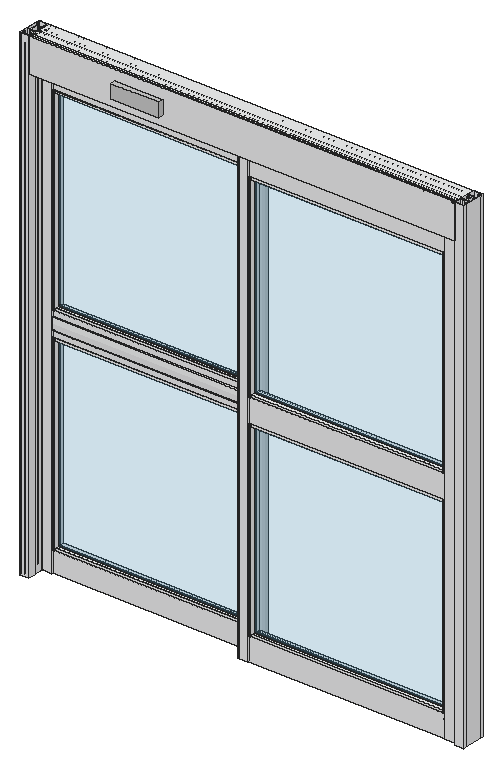
Revit family "2-5-4_Sliding-Door_TX9200SL_Single-LH-Outside-Slide-O-SX-Electric-Lock-Exit-Panic-Hardware_Tormax", category Doors, host Wall, Revit 2026 (continued)
Definition of nested family "Door-Sliding-Tormax-Panel-Exit_Panic-O"
  Forms (in)
    Sweep 6, solid, material <- "Door Frame"
      profile origin (0, 0, 42.75) x (0, 0, 1) y (0, -1, 0)
        loop
          arc (-38.4497, -0.23732) -> (-38.42261, -0.30274) -> (-38.35719, -0.32983) r 0.09251
          line (-38.35719, -0.32983) -> (-38.35719, -0.49166) -> (-38.48123, -0.6157) -> (-38.58722, -0.6157) -> (-38.58722, -0.76483) -> (-38.53722, -0.76483) -> (-38.53722, -0.66561) -> (-38.4375, -0.66561) -> (-38.4375, -0.87481) -> (-37.9377, -0.87481) -> (-37.9377, -0.20955) -> (-37.90284, -0.20955) -> (-37.84171, -0.09459) -> (-37.8637, -0.07259) -> (-37.93561, -0.12483) -> (-38.14543, -0.12483) -> (-38.14543, -0.20955) -> (-38.31305, -0.20955) -> (-38.31305, -0.13997) -> (-38.3997, -0.13997) -> (-38.3997, 0.13997) -> (-38.31305, 0.13997) -> (-38.31305, 0.20955) -> (-38.14543, 0.20955) -> (-38.14543, 0.12483) -> (-37.93561, 0.12483) -> (-37.8637, 0.07259) -> (-37.84171, 0.09459) -> (-37.90284, 0.20955) -> (-37.9377, 0.20955) -> (-37.9377, 0.87481) -> (-38.4375, 0.87481)
        loop
          line (-38.33744, -0.8251) -> (-37.98736, -0.8251) -> (-37.98736, -0.4032) -> (-38.24484, -0.4032) -> (-38.24484, -0.25099) -> (-38.30719, -0.25099) -> (-38.30719, -0.58206) -> (-38.4036, -0.67847) -> (-38.4036, -0.74143) -> (-38.33744, -0.74143) -> (-38.33744, -0.8251)
        loop
          line (-2.25, 0.87481) -> (-2.7498, 0.87481) -> (-2.7498, 0.20955) -> (-2.78466, 0.20955) -> (-2.84579, 0.09459) -> (-2.8238, 0.07259) -> (-2.75189, 0.12483) -> (-2.54207, 0.12483) -> (-2.54207, 0.20955) -> (-2.37445, 0.20955) -> (-2.37445, 0.13997) -> (-2.2878, 0.13997) -> (-2.2878, -0.13997) -> (-2.37445, -0.13997) -> (-2.37445, -0.20955) -> (-2.54207, -0.20955) -> (-2.54207, -0.12483) -> (-2.75189, -0.12483) -> (-2.8238, -0.07259) -> (-2.84579, -0.09459) -> (-2.78466, -0.20955) -> (-2.7498, -0.20955) -> (-2.7498, -0.87481) -> (-2.25, -0.87481) -> (-2.25, -0.66561) -> (-2.15028, -0.66561) -> (-2.15028, -0.76483) -> (-2.10028, -0.76483) -> (-2.10028, -0.6157) -> (-2.20627, -0.6157) -> (-2.33031, -0.49166) -> (-2.33031, -0.32983)
          arc (-2.33031, -0.32983) -> (-2.26489, -0.30274) -> (-2.2378, -0.23732) r 0.09251
          line (-2.2378, -0.23732) -> (-2.2378, -0.1901) -> (-2.094, -0.1901) -> (-2.094, -0.13997) -> (-2.2378, -0.13997) -> (-2.2378, 0.13997) -> (-2.094, 0.13997) -> (-2.094, 0.1901) -> (-2.22479, 0.1901) -> (-2.22479, 0.25955) -> (-2.44266, 0.25955) -> (-2.44266, 0.4032) -> (-2.70014, 0.4032) -> (-2.70014, 0.8251) -> (-2.30017, 0.8251) -> (-2.30017, 0.65698) -> (-2.18569, 0.65698) -> (-2.18569, 0.70698) -> (-2.25, 0.70698) -> (-2.25, 0.87481)
        loop
          line (-2.35006, -0.8251) -> (-2.35006, -0.74143) -> (-2.2839, -0.74143) -> (-2.2839, -0.67847) -> (-2.38031, -0.58206) -> (-2.38031, -0.25099) -> (-2.44266, -0.25099) -> (-2.44266, -0.4032) -> (-2.70014, -0.4032) -> (-2.70014, -0.8251) -> (-2.35006, -0.8251)
        loop
          line (2.25, 0.87481) -> (2.25, 0.70698) -> (2.18569, 0.70698) -> (2.18569, 0.65698) -> (2.30017, 0.65698) -> (2.30017, 0.8251) -> (2.70014, 0.8251) -> (2.70014, 0.4032) -> (2.44266, 0.4032) -> (2.44266, 0.25955) -> (2.22479, 0.25955) -> (2.22479, 0.1901) -> (2.094, 0.1901) -> (2.094, 0.13997) -> (2.2378, 0.13997) -> (2.2378, -0.13997) -> (2.094, -0.13997) -> (2.094, -0.1901) -> (2.2378, -0.1901) -> (2.2378, -0.23732)
          arc (2.2378, -0.23732) -> (2.26489, -0.30274) -> (2.33031, -0.32983) r 0.09251
          line (2.33031, -0.32983) -> (2.33031, -0.49166) -> (2.20627, -0.6157) -> (2.10028, -0.6157) -> (2.10028, -0.76483) -> (2.15028, -0.76483) -> (2.15028, -0.66561) -> (2.25, -0.66561) -> (2.25, -0.87481) -> (2.7498, -0.87481) -> (2.7498, -0.20955) -> (2.78466, -0.20955) -> (2.84579, -0.09459) -> (2.8238, -0.07259) -> (2.75189, -0.12483) -> (2.54207, -0.12483) -> (2.54207, -0.20955) -> (2.37445, -0.20955) -> (2.37445, -0.13997) -> (2.2878, -0.13997) -> (2.2878, 0.13997) -> (2.37445, 0.13997) -> (2.37445, 0.20955) -> (2.54207, 0.20955) -> (2.54207, 0.12483) -> (2.75189, 0.12483) -> (2.8238, 0.07259) -> (2.84579, 0.09459) -> (2.78466, 0.20955) -> (2.7498, 0.20955) -> (2.7498, 0.87481) -> (2.25, 0.87481)
        loop
          line (2.35006, -0.8251) -> (2.70014, -0.8251) -> (2.70014, -0.4032) -> (2.44266, -0.4032) -> (2.44266, -0.25099) -> (2.38031, -0.25099) -> (2.38031, -0.58206) -> (2.2839, -0.67847) -> (2.2839, -0.74143) -> (2.35006, -0.74143) -> (2.35006, -0.8251)
        loop
          line (39.65625, 0.87481) -> (39.15645, 0.87481) -> (39.15645, 0.20955) -> (39.12159, 0.20955) -> (39.06046, 0.09459) -> (39.08245, 0.07259) -> (39.15436, 0.12483) -> (39.36418, 0.12483) -> (39.36418, 0.20955) -> (39.5318, 0.20955) -> (39.5318, 0.13997) -> (39.61845, 0.13997) -> (39.61845, -0.13997) -> (39.5318, -0.13997) -> (39.5318, -0.20955) -> (39.36418, -0.20955) -> (39.36418, -0.12483) -> (39.15436, -0.12483) -> (39.08245, -0.07259) -> (39.06046, -0.09459) -> (39.12159, -0.20955) -> (39.15645, -0.20955) -> (39.15645, -0.87481) -> (39.65625, -0.87481) -> (39.65625, -0.66561) -> (39.75597, -0.66561) -> (39.75597, -0.76483) -> (39.80597, -0.76483) -> (39.80597, -0.6157) -> (39.69998, -0.6157) -> (39.57594, -0.49166) -> (39.57594, -0.32983)
          arc (39.57594, -0.32983) -> (39.64136, -0.30274) -> (39.66845, -0.23732) r 0.09251
          line (39.66845, -0.23732) -> (39.66845, -0.1901) -> (39.81225, -0.1901) -> (39.81225, -0.13997) -> (39.66845, -0.13997) -> (39.66845, 0.13997) -> (39.81225, 0.13997) -> (39.81225, 0.1901) -> (39.68146, 0.1901) -> (39.68146, 0.25955) -> (39.46359, 0.25955) -> (39.46359, 0.4032) -> (39.20611, 0.4032) -> (39.20611, 0.8251) -> (39.60608, 0.8251) -> (39.60608, 0.65698) -> (39.72056, 0.65698) -> (39.72056, 0.70698) -> (39.65625, 0.70698) -> (39.65625, 0.87481)
        loop
          line (39.55619, -0.8251) -> (39.55619, -0.74143) -> (39.62235, -0.74143) -> (39.62235, -0.67847) -> (39.52594, -0.58206) -> (39.52594, -0.25099) -> (39.46359, -0.25099) -> (39.46359, -0.4032) -> (39.20611, -0.4032) -> (39.20611, -0.8251) -> (39.55619, -0.8251)
    Sweep 7, solid, material <- "Door Frame"
      path origin (0, 0, 0) x (1, 0, 0) y (0, 0, 1)
        loop
          line (0, 45) -> (0, 82.40625)
      profile origin (0, 0, 63.70313) x (-1, 0, 0) y (0, -1, 0)
        loop
          line (-18.65625, -0.87481) -> (-18.15645, -0.87481) -> (-18.15645, -0.20955) -> (-18.12159, -0.20955) -> (-18.06046, -0.09459) -> (-18.08245, -0.07259) -> (-18.15436, -0.12483) -> (-18.36418, -0.12483) -> (-18.36418, -0.20955) -> (-18.5318, -0.20955) -> (-18.5318, -0.13997) -> (-18.61845, -0.13997) -> (-18.61845, 0.13997) -> (-18.5318, 0.13997) -> (-18.5318, 0.20955) -> (-18.36418, 0.20955) -> (-18.36418, 0.12483) -> (-18.15436, 0.12483) -> (-18.08245, 0.07259) -> (-18.06046, 0.09459) -> (-18.12159, 0.20955) -> (-18.15645, 0.20955) -> (-18.15645, 0.87481) -> (-18.65625, 0.87481) -> (-18.65625, 0.66561) -> (-18.75597, 0.66561) -> (-18.75597, 0.76483) -> (-18.80597, 0.76483) -> (-18.80597, 0.6157) -> (-18.69998, 0.6157) -> (-18.57594, 0.49166) -> (-18.57594, 0.32983)
          arc (-18.57594, 0.32983) -> (-18.64136, 0.30274) -> (-18.66845, 0.23732) r 0.09251
          line (-18.66845, 0.23732) -> (-18.66845, 0.1901) -> (-18.81225, 0.1901) -> (-18.81225, 0.13997) -> (-18.66845, 0.13997) -> (-18.66845, -0.13997) -> (-18.81225, -0.13997) -> (-18.81225, -0.1901) -> (-18.68146, -0.1901) -> (-18.68146, -0.25955) -> (-18.46359, -0.25955) -> (-18.46359, -0.4032) -> (-18.20611, -0.4032) -> (-18.20611, -0.8251) -> (-18.60608, -0.8251) -> (-18.60608, -0.65698) -> (-18.72056, -0.65698) -> (-18.72056, -0.70698) -> (-18.65625, -0.70698) -> (-18.65625, -0.87481)
        loop
          line (-18.55619, 0.8251) -> (-18.55619, 0.74143) -> (-18.62235, 0.74143) -> (-18.62235, 0.67847) -> (-18.52594, 0.58206) -> (-18.52594, 0.25099) -> (-18.46359, 0.25099) -> (-18.46359, 0.4032) -> (-18.20611, 0.4032) -> (-18.20611, 0.8251) -> (-18.55619, 0.8251)
        loop
          line (18.65625, -0.87481) -> (18.65625, -0.70698) -> (18.72056, -0.70698) -> (18.72056, -0.65698) -> (18.60608, -0.65698) -> (18.60608, -0.8251) -> (18.20611, -0.8251) -> (18.20611, -0.4032) -> (18.46359, -0.4032) -> (18.46359, -0.25955) -> (18.68146, -0.25955) -> (18.68146, -0.1901) -> (18.81225, -0.1901) -> (18.81225, -0.13997) -> (18.66845, -0.13997) -> (18.66845, 0.13997) -> (18.81225, 0.13997) -> (18.81225, 0.1901) -> (18.66845, 0.1901) -> (18.66845, 0.23732)
          arc (18.66845, 0.23732) -> (18.64136, 0.30274) -> (18.57594, 0.32983) r 0.09251
          line (18.57594, 0.32983) -> (18.57594, 0.49166) -> (18.69998, 0.6157) -> (18.80597, 0.6157) -> (18.80597, 0.76483) -> (18.75597, 0.76483) -> (18.75597, 0.66561) -> (18.65625, 0.66561) -> (18.65625, 0.87481) -> (18.15645, 0.87481) -> (18.15645, 0.20955) -> (18.12159, 0.20955) -> (18.06046, 0.09459) -> (18.08245, 0.07259) -> (18.15436, 0.12483) -> (18.36418, 0.12483) -> (18.36418, 0.20955) -> (18.5318, 0.20955) -> (18.5318, 0.13997) -> (18.61845, 0.13997) -> (18.61845, -0.13997) -> (18.5318, -0.13997) -> (18.5318, -0.20955) -> (18.36418, -0.20955) -> (18.36418, -0.12483) -> (18.15436, -0.12483) -> (18.08245, -0.07259) -> (18.06046, -0.09459) -> (18.12159, -0.20955) -> (18.15645, -0.20955) -> (18.15645, -0.87481) -> (18.65625, -0.87481)
        loop
          line (18.55619, 0.8251) -> (18.20611, 0.8251) -> (18.20611, 0.4032) -> (18.46359, 0.4032) -> (18.46359, 0.25099) -> (18.52594, 0.25099) -> (18.52594, 0.58206) -> (18.62235, 0.67847) -> (18.62235, 0.74143) -> (18.55619, 0.74143) -> (18.55619, 0.8251)
    Extrusion 8, solid, material <- "Glass"
      sketch origin (0, 0, 0) x (1, 0, 0) y (0, 1, 0)
        loop
          line (-18.36418, 0.12483) -> (-18.36418, -0.12517) -> (18.36418, -0.12517) -> (18.36418, 0.12483) -> (-18.36418, 0.12483)
      from 45.29207 to 82.11418
  Dimensions and locks (in)
    "Height": plane 4 to level
    equal spacing: plane 10, plane 3 "Center (Left/Right)", plane 11
    "Width": plane 10 to plane 11
    "Thickness": plane 9 to plane 8
    equal spacing: plane 9, plane 1 "Center (Front/Back)", plane 8
    locked: plane 10 to plane 12 at 2.125
    locked: plane 13 to plane 11 at 2.125
    locked: plane 5 to level at 42.75
    plane 14 to plane 5 to plane 15 = 2 1/4" locked, 2 1/4" locked
    plane 10 to Sweep 1 sketch curve to Sweep 1 sketch curve = 2 1/8" locked, 0" locked
    locked: plane 4 to plane 17 at 0.09375
    locked: plane 17 to plane 16 at 3
    locked: plane 18 to plane 2 at 4.3125
    locked: Sweep 4 sketch curve to plane 13 at 0.4998  (x2)
    plane 12 to Sweep 4 sketch curve to Sweep 4 sketch curve = 0.4998" locked, 0" locked
    plane 7 to plane 1 "Center (Front/Back)" to plane 6 = 0.12517" locked, 0.12483" locked
    locked: Extrusion 5 sketch curve to plane 13 at 0.29207
    locked: plane 12 to Extrusion 5 sketch curve at 0.29207
    locked: Sweep 6 sketch curve to plane 13 at 0.4998
    locked: Sweep 6 sketch curve to plane 12 at 0.4998
    locked: Sweep 6 sketch curve to plane 2 at 4.8123  (x2)
    Sweep 6 sketch curve to Sweep 6 sketch curve to plane 15 = 0" locked, 0.4998" locked
    Sweep 6 sketch curve to Sweep 6 sketch curve to plane 14 = 0" locked, 0.4998" locked
    Sweep 6 sketch curve to Sweep 6 sketch curve to plane 16 = 0" locked, 0.4998" locked
    locked: plane 2 to Extrusion 5 at 4.60457
    locked: Extrusion 5 to plane 15 at 0.29207
    locked: Extrusion 8 to plane 14 at 0.29207
    locked: Extrusion 8 to plane 16 at 0.29207
    locked: plane 12 to Sweep 7 sketch curve at 0.4998  (x2)
    Sweep 7 sketch curve to Sweep 7 sketch curve to plane 13 = 0" locked, 0.4998" locked
    aligned and locked: plane 2 to level
    aligned and locked: Sweep 1 sketch curve to plane 10
    aligned and locked: Sweep 1 sketch curve to plane 9
    aligned and locked: Sweep 1 sketch curve to profile plane
    aligned and locked: profile plane to Sweep 1 sketch curve
    aligned and locked: Sweep 1 sketch curve to plane 8
    aligned and locked: plane 12 to Sweep 2 sketch curve
    aligned and locked: plane 13 to Sweep 2 sketch curve
    aligned and locked: Sweep 2 sketch curve to plane 2
    aligned and locked: plane 14 to Sweep 2 sketch curve
    aligned and locked: Sweep 2 sketch curve to plane 14
    aligned and locked: plane 17 to Sweep 1 sketch curve
    aligned and locked: plane 17 to Sweep 3 sketch curve
    aligned and locked: Sweep 3 sketch curve to plane 11
    aligned and locked: plane 2 to Sweep 3 sketch curve
    aligned and locked: plane 13 to Sweep 3 sketch curve
    aligned and locked: plane 3 "Center (Left/Right)" to Sweep 4 sketch curve
    aligned and locked: plane 15 to Sweep 4 sketch curve
    aligned and locked: plane 18 to Sweep 4 sketch curve
    aligned and locked: Sweep 4 sketch curve to plane 13
    aligned and locked: plane 13 to Sweep 4 sketch curve
    aligned and locked: plane 12 to Sweep 4 sketch curve
    aligned and locked: Sweep 4 sketch curve to plane 12
    aligned and locked: plane 6 to Extrusion 5 sketch curve
    aligned and locked: plane 7 to Extrusion 5 sketch curve
    aligned and locked: Sweep 6 sketch curve to plane 5
    aligned and locked: plane 18 to Sweep 6 sketch curve
    aligned and locked: Sweep 6 sketch curve to plane 18
    aligned and locked: plane 15 to Sweep 6 sketch curve
    aligned and locked: Sweep 6 sketch curve to plane 15
    aligned and locked: Sweep 6 sketch curve to plane 14
    aligned and locked: plane 14 to Sweep 6 sketch curve
    aligned and locked: Sweep 6 sketch curve to plane 16
    aligned and locked: plane 16 to Sweep 6 sketch curve
    aligned and locked: plane 16 to Sweep 7 sketch curve
    aligned and locked: plane 14 to Sweep 7 sketch curve
    aligned and locked: plane 12 to Sweep 7 sketch curve
    aligned and locked: Sweep 7 sketch curve to plane 12
    aligned and locked: Sweep 7 sketch curve to plane 13
    aligned and locked: plane 13 to Sweep 7 sketch curve
    aligned and locked: Sweep 2 sketch curve to plane 15  (x2)
    aligned and locked: plane 16 to Sweep 2 sketch curve  (x2)
    aligned and locked: Sweep 2 sketch curve to plane 17  (x2)
  Automatic sketch dimensions
    Sweep 1 sketch curve to level = 0"
    profile plane to Sweep 2 sketch curve = 0"
    Sweep 2 sketch curve to Sweep 2 sketch curve = 0.18793"
    Sweep 2 sketch curve to Sweep 2 sketch curve = 0.72226"  (x2)
    Sweep 2 sketch curve to Sweep 2 sketch curve = 0.40281"
    Sweep 2 sketch curve to Sweep 2 sketch curve = 0.01287"
    Sweep 2 sketch curve to Sweep 2 sketch curve = 0.00834"
    Sweep 2 sketch curve to Sweep 2 sketch curve = 0.18917"
    Sweep 2 sketch curve to Sweep 2 sketch curve = 0.06739"  (x2)
    Sweep 2 sketch curve to Sweep 2 sketch curve = 0.13999"  (x2)
    Sweep 2 sketch curve to Sweep 2 sketch curve = 1/16"  (x2)
    Sweep 2 sketch curve to Sweep 2 sketch curve = 1.02817"
    Sweep 2 sketch curve to Sweep 2 sketch curve = 0.12517"
    Sweep 2 sketch curve to Sweep 2 sketch curve = 0.2691"  (x3)
    Sweep 2 sketch curve to Sweep 2 sketch curve = 0.31409"  (x4)
    Sweep 2 sketch curve to Sweep 2 sketch curve = 0.32654"  (x4)
    Sweep 2 sketch curve to Sweep 2 sketch curve = 0.30916"  (x3)
    Sweep 2 sketch curve to Sweep 2 sketch curve = 0.12615"  (x2)
    Sweep 2 sketch curve to Sweep 2 sketch curve = 0.04797"  (x3)
    plane 1 "Center (Front/Back)" to Sweep 2 sketch curve = 0.77066"  (x2)
    Sweep 2 sketch curve to Sweep 2 sketch curve = 0.10643"  (x4)
    plane 1 "Center (Front/Back)" to Sweep 2 sketch curve = 0.70921"
    plane 1 "Center (Front/Back)" to Sweep 2 sketch curve = 0.70777"  (x2)
    Sweep 2 sketch curve to plane 1 "Center (Front/Back)" = 0.77099"
    Sweep 2 sketch curve to Sweep 2 sketch curve = 0.1095"  (x2)
    Sweep 2 sketch curve to Sweep 2 sketch curve = 0.0465"  (x3)
    Sweep 2 sketch curve to Sweep 2 sketch curve = 0.156"
    plane 1 "Center (Front/Back)" to Sweep 2 sketch curve = 0.8749"
    Sweep 2 sketch curve to Sweep 2 sketch curve = 0.14393"
    Sweep 2 sketch curve to plane 1 "Center (Front/Back)" = 0.8749"
    Sweep 2 sketch curve to Sweep 2 sketch curve = 0.0351"
    Sweep 2 sketch curve to Sweep 2 sketch curve = 0"
    Sweep 2 sketch curve to Sweep 2 sketch curve = 0.10425"  (x3)
    Sweep 2 sketch curve to Sweep 2 sketch curve = 0.0176"
    Sweep 2 sketch curve to plane 1 "Center (Front/Back)" = 0.75305"
    Sweep 2 sketch curve to Sweep 2 sketch curve = 0.00306"
    Sweep 2 sketch curve to Sweep 2 sketch curve = 0.03386"  (x4)
    Sweep 2 sketch curve to Sweep 2 sketch curve = 0.05146"  (x3)
    Sweep 2 sketch curve to Sweep 2 sketch curve = 0.0308"
    Sweep 2 sketch curve to Sweep 2 sketch curve = 0.06145"  (x3)
    Sweep 2 sketch curve to Sweep 2 sketch curve = 0.06322"  (x3)
    Sweep 2 sketch curve to Sweep 2 sketch curve = 0.34292"  (x2)
    Sweep 2 sketch curve to plane 1 "Center (Front/Back)" = 0.31896"
    Sweep 2 sketch curve to Sweep 2 sketch curve = 0.01887"
    Sweep 2 sketch curve to Sweep 2 sketch curve = 0.1067"
    Sweep 2 sketch curve to plane 1 "Center (Front/Back)" = 0.13788"
    plane 1 "Center (Front/Back)" to Sweep 2 sketch curve = 0.13781"
    Sweep 2 sketch curve to Sweep 2 sketch curve = 0.02767"
    Sweep 2 sketch curve to Sweep 2 sketch curve = 0.10658"
    plane 1 "Center (Front/Back)" to Sweep 2 sketch curve = 0.31654"
    plane 1 "Center (Front/Back)" to Sweep 2 sketch curve = 0.37504"  (x2)
    Sweep 2 sketch curve to Sweep 2 sketch curve = 0.34415"  (x2)
    Sweep 2 sketch curve to Sweep 2 sketch curve = 0.47705"
    Sweep 2 sketch curve to Sweep 2 sketch curve = 0.02992"
    plane 1 "Center (Front/Back)" to Sweep 2 sketch curve = 0.78451"
    Sweep 2 sketch curve to Sweep 2 sketch curve = 0.12491"
    Sweep 2 sketch curve to plane 1 "Center (Front/Back)" = 3/4"
    Sweep 1 sketch curve to plane 1 "Center (Front/Back)" = 0.77559"
    Sweep 1 sketch curve to Sweep 1 sketch curve = 0.11639"  (x2)
    Sweep 1 sketch curve to Sweep 1 sketch curve = 1/8"  (x2)
    profile plane to Sweep 1 sketch curve = 3/8"
    Sweep 1 sketch curve to Sweep 1 sketch curve = 0.145"  (x2)
    Sweep 1 sketch curve to Sweep 1 sketch curve = 0.01059"  (x2)
    Sweep 1 sketch curve to Sweep 1 sketch curve = 0.0672"
    Sweep 1 sketch curve to Sweep 1 sketch curve = 0.20161"
    Sweep 1 sketch curve to Sweep 1 sketch curve = 0.05661"
    Sweep 1 sketch curve to Sweep 1 sketch curve = 0.03961"
    Sweep 3 sketch curve to Sweep 3 sketch curve = 0"  (x3)
    plane 1 "Center (Front/Back)" to Sweep 3 sketch curve = 0"
    Sweep 3 sketch curve to profile plane = 0.13218"  (x2)
    Sweep 3 sketch curve to Sweep 3 sketch curve = 0.04011"  (x2)
    Sweep 3 sketch curve to Sweep 3 sketch curve = 0.27371"  (x2)
    Sweep 3 sketch curve to Sweep 3 sketch curve = 0.054"  (x5)
    Sweep 3 sketch curve to Sweep 3 sketch curve = 0.09725"  (x2)
    Sweep 3 sketch curve to Sweep 3 sketch curve = 0.09783"  (x2)
    Sweep 3 sketch curve to Sweep 3 sketch curve = 0.05875"  (x2)
    Sweep 3 sketch curve to Sweep 3 sketch curve = 1/8"  (x2)
    Sweep 3 sketch curve to plane 1 "Center (Front/Back)" = 0.76483"
    Sweep 3 sketch curve to Sweep 3 sketch curve = 0.05817"
    Sweep 3 sketch curve to plane 1 "Center (Front/Back)" = 0.70835"
    Sweep 3 sketch curve to Sweep 3 sketch curve = 0.83845"
    Sweep 3 sketch curve to Sweep 3 sketch curve = 0.05635"
    Sweep 3 sketch curve to Sweep 3 sketch curve = 0.14517"  (x2)
    Sweep 3 sketch curve to Sweep 3 sketch curve = 0.05648"
    Sweep 3 sketch curve to Sweep 3 sketch curve = 0.1125"
    Sweep 3 sketch curve to Sweep 3 sketch curve = 0.05615"
    Sweep 3 sketch curve to Sweep 3 sketch curve = 0.00033"
    Sweep 3 sketch curve to Sweep 3 sketch curve = 0.03481"
    plane 1 "Center (Front/Back)" to Sweep 3 sketch curve = 0.76483"
    plane 1 "Center (Front/Back)" to Sweep 3 sketch curve = 0.70869"
    Sweep 4 sketch curve to Sweep 4 sketch curve = 0.0122"
    Sweep 4 sketch curve to plane 1 "Center (Front/Back)" = 0.13997"
    Sweep 4 sketch curve to Sweep 4 sketch curve = 0"  (x5)
    Sweep 4 sketch curve to Sweep 4 sketch curve = 0.01301"  (x2)
    plane 1 "Center (Front/Back)" to Sweep 4 sketch curve = 0.6157"
    Sweep 4 sketch curve to Sweep 4 sketch curve = 0.04373"  (x2)
    Sweep 4 sketch curve to Sweep 4 sketch curve = 0.06431"  (x2)
    Sweep 4 sketch curve to Sweep 4 sketch curve = 0.05599"
    Sweep 4 sketch curve to Sweep 4 sketch curve = 0.05"  (x8)
    Sweep 4 sketch curve to Sweep 4 sketch curve = 0.13079"  (x2)
    Sweep 4 sketch curve to Sweep 4 sketch curve = 0.1438"  (x2)
    Sweep 4 sketch curve to Sweep 4 sketch curve = 0.0339"  (x2)
    Sweep 4 sketch curve to Sweep 4 sketch curve = 0.05017"  (x2)
    plane 1 "Center (Front/Back)" to Sweep 4 sketch curve = 0.49166"
    Sweep 4 sketch curve to Sweep 4 sketch curve = 0.12404"  (x2)
    Sweep 4 sketch curve to Sweep 4 sketch curve = 0.06616"  (x2)
    Sweep 4 sketch curve to Sweep 4 sketch curve = 0.08665"  (x3)
    Sweep 4 sketch curve to Sweep 4 sketch curve = 0.00586"  (x2)
    Sweep 4 sketch curve to Sweep 4 sketch curve = 0.0682"  (x2)
    Sweep 4 sketch curve to Sweep 4 sketch curve = 0.11234"
    Sweep 4 sketch curve to Sweep 4 sketch curve = 0.09942"  (x4)
    Sweep 4 sketch curve to Sweep 4 sketch curve = 0.04966"  (x4)
    Sweep 4 sketch curve to plane 1 "Center (Front/Back)" = 0.12483"
    Sweep 4 sketch curve to Sweep 4 sketch curve = 0.00209"  (x2)
    Sweep 4 sketch curve to Sweep 4 sketch curve = 0.03487"  (x4)
    plane 1 "Center (Front/Back)" to Sweep 4 sketch curve = 0.20955"  (x2)
    plane 1 "Center (Front/Back)" to Sweep 4 sketch curve = 0.07259"  (x2)
    Sweep 4 sketch curve to Sweep 4 sketch curve = 0.0719"  (x4)
    Sweep 4 sketch curve to plane 1 "Center (Front/Back)" = 0.07259"  (x2)
    Sweep 4 sketch curve to plane 1 "Center (Front/Back)" = 0.09459"  (x2)
    Sweep 4 sketch curve to Sweep 4 sketch curve = 0.02199"  (x4)
    plane 1 "Center (Front/Back)" to Sweep 4 sketch curve = 0.09459"  (x2)
    Sweep 4 sketch curve to Sweep 4 sketch curve = 0.06113"
    Sweep 4 sketch curve to plane 1 "Center (Front/Back)" = 0.20955"
    plane 1 "Center (Front/Back)" to Sweep 4 sketch curve = 0.12483"
    Sweep 4 sketch curve to Sweep 4 sketch curve = 0.06234"
    Sweep 4 sketch curve to Sweep 4 sketch curve = 0.03026"
    Sweep 4 sketch curve to Sweep 4 sketch curve = 0.14248"
    Sweep 4 sketch curve to Sweep 4 sketch curve = 0.09251"
    Sweep 4 sketch curve to Sweep 4 sketch curve = 0.13361"
    Sweep 4 sketch curve to plane 1 "Center (Front/Back)" = 0.25955"
    Sweep 4 sketch curve to Sweep 4 sketch curve = 0.11958"
    Sweep 4 sketch curve to Sweep 4 sketch curve = 0.14365"
    Sweep 4 sketch curve to Sweep 4 sketch curve = 0.19365"  (x3)
    Sweep 4 sketch curve to Sweep 4 sketch curve = 0.25378"  (x2)
    Sweep 4 sketch curve to Sweep 4 sketch curve = 0.4219"  (x2)
    Sweep 4 sketch curve to Sweep 4 sketch curve = 0.04971"  (x4)
    Sweep 4 sketch curve to Sweep 4 sketch curve = 0.08472"  (x5)
    Sweep 4 sketch curve to Sweep 4 sketch curve = 0.05012"  (x4)
    Sweep 4 sketch curve to Sweep 4 sketch curve = 0.06945"
    Sweep 4 sketch curve to Sweep 4 sketch curve = 0.06958"  (x2)
    plane 1 "Center (Front/Back)" to Sweep 4 sketch curve = 0.13997"  (x2)
    Sweep 4 sketch curve to Sweep 4 sketch curve = 0.04722"
    Sweep 4 sketch curve to Sweep 4 sketch curve = 0.02777"
    Sweep 4 sketch curve to Sweep 4 sketch curve = 0.04144"  (x2)
    Sweep 4 sketch curve to Sweep 4 sketch curve = 0.08847"
    Sweep 4 sketch curve to Sweep 4 sketch curve = 0.0904"  (x2)
    Sweep 4 sketch curve to Sweep 4 sketch curve = 0.04991"  (x2)
    Sweep 4 sketch curve to Sweep 4 sketch curve = 0.01286"  (x2)
    Sweep 4 sketch curve to Sweep 4 sketch curve = 0.06296"  (x2)
    Sweep 4 sketch curve to Sweep 4 sketch curve = 0.09922"  (x2)
    Sweep 4 sketch curve to Sweep 4 sketch curve = 0.08367"  (x2)
    plane 1 "Center (Front/Back)" to Sweep 6 sketch curve = 0.13997"  (x4)
    Sweep 6 sketch curve to Sweep 6 sketch curve = 0.512"
    Sweep 6 sketch curve to Sweep 6 sketch curve = 0"  (x10)
    Sweep 6 sketch curve to Sweep 6 sketch curve = 0.01301"  (x4)
    Sweep 6 sketch curve to plane 1 "Center (Front/Back)" = 0.6157"  (x2)
    Sweep 6 sketch curve to Sweep 6 sketch curve = 0.04373"  (x4)
    Sweep 6 sketch curve to Sweep 6 sketch curve = 0.06431"  (x4)
    Sweep 6 sketch curve to Sweep 6 sketch curve = 0.09972"
    Sweep 6 sketch curve to Sweep 6 sketch curve = 0.05"  (x19)
    Sweep 6 sketch curve to Sweep 6 sketch curve = 0.13079"  (x4)
    Sweep 6 sketch curve to Sweep 6 sketch curve = 0.1438"  (x4)
    Sweep 6 sketch curve to Sweep 6 sketch curve = 0.0339"  (x3)
    Sweep 6 sketch curve to Sweep 6 sketch curve = 0.05017"  (x4)
    Sweep 6 sketch curve to Sweep 6 sketch curve = 0.09251"
    Sweep 6 sketch curve to Sweep 6 sketch curve = 0.06616"  (x3)
    Sweep 6 sketch curve to Sweep 6 sketch curve = 0.08665"  (x4)
    Sweep 6 sketch curve to Sweep 6 sketch curve = 0.04414"  (x2)
    Sweep 6 sketch curve to plane 1 "Center (Front/Back)" = 0.58206"  (x2)
    Sweep 6 sketch curve to Sweep 6 sketch curve = 0.11234"  (x2)
    Sweep 6 sketch curve to Sweep 6 sketch curve = 0.0682"  (x4)
    Sweep 6 sketch curve to Sweep 6 sketch curve = 0.09942"  (x8)
    Sweep 6 sketch curve to Sweep 6 sketch curve = 0.04966"  (x8)
    plane 1 "Center (Front/Back)" to Sweep 6 sketch curve = 0.12483"  (x3)
    Sweep 6 sketch curve to Sweep 6 sketch curve = 0.00209"  (x6)
    Sweep 6 sketch curve to Sweep 6 sketch curve = 0.03487"  (x8)
    Sweep 6 sketch curve to plane 1 "Center (Front/Back)" = 0.20955"
    Sweep 6 sketch curve to plane 1 "Center (Front/Back)" = 0.07259"  (x4)
    Sweep 6 sketch curve to Sweep 6 sketch curve = 0.0719"  (x6)
    plane 1 "Center (Front/Back)" to Sweep 6 sketch curve = 0.07259"  (x4)
    Sweep 6 sketch curve to plane 1 "Center (Front/Back)" = 0.09459"  (x4)
    Sweep 6 sketch curve to Sweep 6 sketch curve = 0.02199"  (x8)
    plane 1 "Center (Front/Back)" to Sweep 6 sketch curve = 0.09459"  (x4)
    Sweep 6 sketch curve to Sweep 6 sketch curve = 0.09599"  (x2)
    Sweep 6 sketch curve to Sweep 6 sketch curve = 0.20772"  (x2)
    Sweep 6 sketch curve to Sweep 6 sketch curve = 0.13031"
    Sweep 6 sketch curve to Sweep 6 sketch curve = 0.00586"  (x3)
    Sweep 6 sketch curve to Sweep 6 sketch curve = 0.10006"  (x2)
    Sweep 6 sketch curve to Sweep 6 sketch curve = 0.05599"
    Sweep 6 sketch curve to Sweep 6 sketch curve = 0.156"
    Sweep 6 sketch curve to Sweep 6 sketch curve = 0.14972"
    Sweep 6 sketch curve to Sweep 6 sketch curve = 0.12404"
    plane 1 "Center (Front/Back)" to Sweep 6 sketch curve = 0.20955"  (x2)
    Sweep 6 sketch curve to Sweep 6 sketch curve = 0.06113"
    Sweep 6 sketch curve to Sweep 6 sketch curve = 0.06234"
    Sweep 6 sketch curve to Sweep 6 sketch curve = 0.03026"
    Sweep 6 sketch curve to plane 1 "Center (Front/Back)" = 0.49166"
    Sweep 6 sketch curve to Sweep 6 sketch curve = 0.14248"
    Sweep 6 sketch curve to Sweep 6 sketch curve = 0.13361"
    Sweep 6 sketch curve to Sweep 6 sketch curve = 0.04991"  (x4)
    Sweep 6 sketch curve to Sweep 6 sketch curve = 0.08355"
    Sweep 6 sketch curve to plane 1 "Center (Front/Back)" = 0.66561"
    Sweep 6 sketch curve to Sweep 6 sketch curve = 0.01286"  (x4)
    Sweep 6 sketch curve to Sweep 6 sketch curve = 0.06296"  (x4)
    Sweep 6 sketch curve to Sweep 6 sketch curve = 0.09922"  (x4)
    Sweep 6 sketch curve to Sweep 6 sketch curve = 0.08367"  (x4)
    Sweep 6 sketch curve to Sweep 6 sketch curve = 0.04971"  (x8)
    Sweep 6 sketch curve to Sweep 6 sketch curve = 0.09641"  (x2)
    Sweep 6 sketch curve to Sweep 6 sketch curve = 0.0904"  (x3)
    Sweep 6 sketch curve to Sweep 6 sketch curve = 79/256"  (x2)
    Sweep 6 sketch curve to Sweep 6 sketch curve = 0.19365"  (x3)
    Sweep 6 sketch curve to Sweep 6 sketch curve = 0.08847"
    Sweep 6 sketch curve to Sweep 6 sketch curve = 0.07336"  (x4)
    Sweep 6 sketch curve to Sweep 6 sketch curve = 0.01367"  (x4)
    Sweep 6 sketch curve to Sweep 6 sketch curve = 0.11496"  (x3)
    Sweep 6 sketch curve to Sweep 6 sketch curve = 0.04144"  (x4)
    Sweep 6 sketch curve to Sweep 6 sketch curve = 0.04722"  (x4)
    Sweep 6 sketch curve to Sweep 6 sketch curve = 0.05012"  (x8)
    Sweep 6 sketch curve to Sweep 6 sketch curve = 0.06958"  (x4)
    Sweep 6 sketch curve to Sweep 6 sketch curve = 0.08472"  (x9)
    Sweep 6 sketch curve to Sweep 6 sketch curve = 0.06945"
    Sweep 6 sketch curve to Sweep 6 sketch curve = 0.14365"  (x2)
    Sweep 6 sketch curve to Sweep 6 sketch curve = 0.25378"  (x4)
    Sweep 6 sketch curve to Sweep 6 sketch curve = 0.11812"  (x3)
    Sweep 6 sketch curve to Sweep 6 sketch curve = 0.4219"
    Sweep 7 sketch curve to plane 3 "Center (Left/Right)" = 0"
    plane 1 "Center (Front/Back)" to Sweep 7 sketch curve = 0.1901"
    Sweep 7 sketch curve to Sweep 7 sketch curve = 0"  (x6)
    Sweep 7 sketch curve to Sweep 7 sketch curve = 0.00628"
    Sweep 7 sketch curve to Sweep 7 sketch curve = 0.05"  (x8)
    Sweep 7 sketch curve to Sweep 7 sketch curve = 0.05599"
    Sweep 7 sketch curve to Sweep 7 sketch curve = 0.13079"  (x2)
    Sweep 7 sketch curve to Sweep 7 sketch curve = 0.1438"  (x2)
    Sweep 7 sketch curve to Sweep 7 sketch curve = 0.06431"  (x2)
    Sweep 7 sketch curve to Sweep 7 sketch curve = 0.04373"  (x2)
    Sweep 7 sketch curve to Sweep 7 sketch curve = 0.0339"  (x2)
    Sweep 7 sketch curve to Sweep 7 sketch curve = 0.05017"  (x2)
    plane 1 "Center (Front/Back)" to Sweep 7 sketch curve = 0.49166"
    Sweep 7 sketch curve to Sweep 7 sketch curve = 0.12404"  (x3)
    Sweep 7 sketch curve to Sweep 7 sketch curve = 0.06616"  (x2)
    Sweep 7 sketch curve to Sweep 7 sketch curve = 0.08665"  (x3)
    Sweep 7 sketch curve to Sweep 7 sketch curve = 0.00586"  (x2)
    Sweep 7 sketch curve to Sweep 7 sketch curve = 0.0682"  (x2)
    Sweep 7 sketch curve to Sweep 7 sketch curve = 0.11234"
    Sweep 7 sketch curve to Sweep 7 sketch curve = 0.09942"  (x4)
    Sweep 7 sketch curve to Sweep 7 sketch curve = 0.04966"  (x4)
    Sweep 7 sketch curve to plane 1 "Center (Front/Back)" = 0.12483"
    Sweep 7 sketch curve to Sweep 7 sketch curve = 0.00209"  (x2)
    Sweep 7 sketch curve to Sweep 7 sketch curve = 0.03487"  (x4)
    plane 1 "Center (Front/Back)" to Sweep 7 sketch curve = 0.20955"  (x2)
    plane 1 "Center (Front/Back)" to Sweep 7 sketch curve = 0.07259"  (x2)
    Sweep 7 sketch curve to Sweep 7 sketch curve = 0.0719"  (x4)
    Sweep 7 sketch curve to plane 1 "Center (Front/Back)" = 0.07259"  (x2)
    Sweep 7 sketch curve to plane 1 "Center (Front/Back)" = 0.09459"  (x2)
    Sweep 7 sketch curve to Sweep 7 sketch curve = 0.02199"  (x4)
    plane 1 "Center (Front/Back)" to Sweep 7 sketch curve = 0.09459"  (x2)
    Sweep 7 sketch curve to plane 1 "Center (Front/Back)" = 0.20955"
    Sweep 7 sketch curve to Sweep 7 sketch curve = 0.06113"
    plane 1 "Center (Front/Back)" to Sweep 7 sketch curve = 0.12483"
    Sweep 7 sketch curve to Sweep 7 sketch curve = 0.06234"
    Sweep 7 sketch curve to Sweep 7 sketch curve = 0.03026"
    Sweep 7 sketch curve to Sweep 7 sketch curve = 0.14248"
    Sweep 7 sketch curve to Sweep 7 sketch curve = 0.09251"
    Sweep 7 sketch curve to Sweep 7 sketch curve = 0.01301"
    Sweep 7 sketch curve to Sweep 7 sketch curve = 0.13361"
    Sweep 7 sketch curve to plane 1 "Center (Front/Back)" = 0.25955"  (x2)
    Sweep 7 sketch curve to Sweep 7 sketch curve = 0.14365"
    Sweep 7 sketch curve to Sweep 7 sketch curve = 0.19365"  (x3)
    Sweep 7 sketch curve to Sweep 7 sketch curve = 0.25378"  (x2)
    Sweep 7 sketch curve to Sweep 7 sketch curve = 0.4219"  (x2)
    Sweep 7 sketch curve to Sweep 7 sketch curve = 0.04971"  (x4)
    Sweep 7 sketch curve to Sweep 7 sketch curve = 0.08472"  (x5)
    Sweep 7 sketch curve to Sweep 7 sketch curve = 0.06945"  (x2)
    Sweep 7 sketch curve to Sweep 7 sketch curve = 0.05012"  (x4)
    Sweep 7 sketch curve to Sweep 7 sketch curve = 0.06958"  (x2)
    plane 1 "Center (Front/Back)" to Sweep 7 sketch curve = 0.13997"
    Sweep 7 sketch curve to Sweep 7 sketch curve = 0.04722"
    Sweep 7 sketch curve to Sweep 7 sketch curve = 0.02777"
    Sweep 7 sketch curve to Sweep 7 sketch curve = 0.04144"  (x2)
    Sweep 7 sketch curve to Sweep 7 sketch curve = 0.08847"
    Sweep 7 sketch curve to Sweep 7 sketch curve = 0.0904"  (x2)
    Sweep 7 sketch curve to Sweep 7 sketch curve = 0.04991"  (x2)
    Sweep 7 sketch curve to Sweep 7 sketch curve = 0.01286"  (x2)
    Sweep 7 sketch curve to Sweep 7 sketch curve = 0.06296"  (x2)
    Sweep 7 sketch curve to Sweep 7 sketch curve = 0.09922"  (x2)
    Sweep 7 sketch curve to Sweep 7 sketch curve = 0.08367"  (x2)
    Extrusion 8 sketch curve to plane 7 = 0"
    plane 6 to Extrusion 8 sketch curve = 0"
    plane 12 to Extrusion 8 sketch curve = 0.29207"
    plane 13 to Extrusion 8 sketch curve = 0.29207"
    Sweep 2 sketch curve to Sweep 2 sketch curve = 0.1"  (x4)
    Sweep 2 sketch curve to Sweep 2 sketch curve = 0.00401"  (x4)
Definition of nested family "Door-Sliding-Tormax-Panel-Exit_Panic-SX"
  Parameters (values of type "Door-Sliding-Tormax-Panel-Exit_Panic-SX")
    Width = 41 9/16"
    Thickness = 1.82"  # constant formula
    Height = 85 1/2"
    Handle Material = none
    Glass = none
    Frame Material = none
    Define Thermal Properties by = 1
    Default Elevation = 0"
    Analytic Construction = "<None>"
  Reference planes (in)
    plane 1 "Center (Front/Back)": y = 0
    plane 2: z = 0
    plane 3 "Center (Left/Right)": x = 0
    plane 4: z = 85.5
    plane 5: z = 42.75
    plane 6: y = 0.12483
    plane 7: y = -0.12517
    plane 8: y = -0.91
    plane 9: y = 0.91
    plane 10: x = -20.78125
    plane 11: x = 20.78125
    plane 12: x = -18.65625
    plane 13: x = 18.65625
    plane 14: z = 45
    plane 15: z = 40.5
    plane 16: z = 82.40625
    plane 17: z = 4.3125
  Forms (in)
    Sweep 1, solid, material <- "Frame Material"
      path origin (0, 0, 0) x (1, 0, 0) y (0, 0, 1)
        loop
          line (-20.78125, 0.3125) -> (-20.78125, 84.15625)
      profile origin (-20.78125, 0, 42.23437) x (-1, 0, 0) y (0, -1, 0)
        loop
          line (-0.25, -0.18701) -> (-0.25, 0.18701) -> (-0.13107, 0.18701)
          arc (-0.13107, 0.18701) -> (-0.16494, 0.47848) -> (-0.22824, 0.765) r 2.88588
          line (-0.22824, 0.765) -> (-1.844, 0.765) -> (-1.844, -0.765) -> (-0.22824, -0.765)
          arc (-0.22824, -0.765) -> (-0.16494, -0.47848) -> (-0.13107, -0.18701) r 2.88588
          line (-0.13107, -0.18701) -> (-0.25, -0.18701)
        loop
          arc (-0.14081, -0.91) -> (0, 0) -> (-0.14081, 0.91) r 3.01088
          line (-0.14081, 0.91) -> (-2.125, 0.91) -> (-2.125, 0.70839) -> (-2.00861, 0.77559) -> (-1.969, 0.77559) -> (-1.969, -0.77559) -> (-2.00861, -0.77559) -> (-2.125, -0.70839) -> (-2.125, -0.91) -> (-0.14081, -0.91)
    Sweep 2, solid, material <- "Frame Material"
      path origin (0, 0, 0) x (1, 0, 0) y (0, 0, 1)
        loop
          line (-18.65625, 0) -> (18.65625, 0)
      profile origin (0, 0, 0) x (0, 0, 1) y (0, -1, 0)
        loop
          line (4.3125, 0.8749) -> (0.3125, 0.8749) -> (0.3125, -0.23479) -> (0.62437, -0.23479)
          arc (0.62437, -0.23479) -> (0.7132, -0.198) -> (0.75, -0.10916) r 0.12563
          line (0.75, -0.10916) -> (0.75, 0.32559)
          arc (0.75, 0.32559) -> (0.80554, 0.45967) -> (0.93962, 0.51521) r 0.18962
          line (0.93962, 0.51521) -> (1.37112, 0.51521)
          arc (1.37112, 0.51521) -> (1.46225, 0.55295) -> (1.5, 0.64409) r 0.12888
          line (1.5, 0.64409) -> (1.5, 0.75022) -> (1.87452, 0.75022) -> (1.87452, -0.74981) -> (1.40707, -0.74981) -> (1.11896, -0.4258) -> (0.5105, -0.4258) -> (0.5105, -0.5258) -> (1.08251, -0.5258) -> (1.08251, -0.76481) -> (0.3125, -0.76481) -> (0.3125, -0.8749) -> (4.3125, -0.8749) -> (4.3125, -0.70921) -> (4.20607, -0.77066) -> (4.1581, -0.77066) -> (4.1581, 0.77066) -> (4.20607, 0.77066) -> (4.3125, 0.70921) -> (4.3125, 0.8749)
        loop
          line (4.03195, -0.71919) -> (4.03195, 0.71919) -> (3.78529, 0.71919) -> (3.78529, 0.75305) -> (3.33375, 0.75305) -> (3.33375, 0.71919) -> (3.08216, 0.71919) -> (3.08216, 0.5938) -> (2.94954, 0.5938) -> (2.94954, 0.7188) -> (2.69891, 0.7188) -> (2.69891, 0.74999) -> (2.25015, 0.74999) -> (2.25015, 0.7188) -> (1.99953, 0.7188) -> (1.99953, -0.7188) -> (2.25015, -0.7188) -> (2.25015, -0.74999) -> (2.69891, -0.74999) -> (2.69891, -0.7188) -> (2.94954, -0.7188) -> (2.94954, -0.5938) -> (3.08216, -0.5938) -> (3.08216, -0.71919) -> (3.33375, -0.71919) -> (3.33375, -0.75305) -> (3.78529, -0.75305) -> (3.78529, -0.71919) -> (4.03195, -0.71919)
        loop
          line (45, -0.875) -> (45, -0.70777) -> (44.8905, -0.77099) -> (44.844, -0.77099) -> (44.844, 0.77099) -> (44.8905, 0.77099) -> (45, 0.70777) -> (45, 0.875) -> (43.99984, 0.875) -> (43.99984, -0.17511) -> (43.62961, -0.17511) -> (43.62961, -0.775) -> (41.87039, -0.775) -> (41.87039, -0.17511) -> (41.50016, -0.17511) -> (41.50016, 0.875) -> (40.5, 0.875) -> (40.5, 0.70777) -> (40.6095, 0.77099) -> (40.656, 0.77099) -> (40.656, -0.77099) -> (40.6095, -0.77099) -> (40.5, -0.70777) -> (40.5, -0.875) -> (45, -0.875)
        loop
          line (40.75634, -0.77461) -> (41.77039, -0.77461) -> (41.77039, -0.27511) -> (41.40016, -0.27511) -> (41.40016, 0.775) -> (40.75634, 0.775) -> (40.75634, -0.77461)
        loop
          line (82.40625, 0.8749) -> (82.40625, 0.70921) -> (82.51268, 0.77066) -> (82.56065, 0.77066) -> (82.56065, -0.77066) -> (82.51268, -0.77066) -> (82.40625, -0.70921) -> (82.40625, -0.8749) -> (84.15625, -0.8749) -> (84.15625, -0.70756) -> (84.04556, -0.77147) -> (84.00025, -0.77147) -> (84.00025, 0.77147) -> (84.04628, 0.77147) -> (84.15625, 0.70798) -> (84.15625, 0.8749) -> (82.40625, 0.8749)
        loop
          line (82.6868, -0.72879) -> (82.93737, -0.72879) -> (82.93737, -0.75979) -> (83.38695, -0.75979) -> (83.38695, -0.72879) -> (83.63659, -0.72879) -> (83.63659, -0.51879) -> (83.85025, -0.51879) -> (83.85025, 0.51879) -> (83.63659, 0.51879) -> (83.63659, 0.72879) -> (83.38695, 0.72879) -> (83.38695, 0.75979) -> (82.93737, 0.75979) -> (82.93737, 0.72879) -> (82.6868, 0.72879) -> (82.6868, -0.72879)
        loop
          line (44.74366, -0.77461) -> (44.74366, 0.775) -> (44.09984, 0.775) -> (44.09984, -0.27511) -> (43.72961, -0.27511) -> (43.72961, -0.77461) -> (44.74366, -0.77461)
        loop
          line (43.965, 0.16219) -> (43.965, 0.80087)
          arc (43.965, 0.80087) -> (43.91534, 0.93277) -> (43.79103, 0.99917) r 0.2
          arc (43.79103, 0.99917) -> (42.75, 1.06719) -> (41.70897, 0.99917) r 8
          arc (41.70897, 0.99917) -> (41.58466, 0.93277) -> (41.535, 0.80087) r 0.2
          line (41.535, 0.80087) -> (41.535, 0.16219) -> (43.965, 0.16219)
    Sweep 3, solid, material <- "Frame Material"
      path origin (0, 0, 0) x (1, 0, 0) y (0, 0, 1)
        loop
          line (20.78125, 0.3125) -> (20.78125, 84.15625)
      profile origin (20.78125, 0, 42.23437) x (-1, 0, 0) y (0, -1, 0)
        loop
          line (2.125, -0.91) -> (2.125, -0.70835) -> (2.02717, -0.76483) -> (1.969, -0.76483) -> (1.969, 0.76483) -> (2.02775, 0.76483) -> (2.125, 0.70869) -> (2.125, 0.91) -> (0.14318, 0.91)
          arc (0.14318, 0.91) -> (0.12559, 0.85357) -> (0.10913, 0.79679) r 2.96345
          line (0.10913, 0.79679) -> (0.18087, 0.77676) -> (0.20082, 0.85943) -> (0.27801, 0.84081) -> (0.18503, 0.45549) -> (0.10975, 0.47365) -> (0.1297, 0.55632) -> (0.05562, 0.57144)
          arc (0.05562, 0.57144) -> (0, 0) -> (0.05562, -0.57144) r 2.96345
          line (0.05562, -0.57144) -> (0.1297, -0.55632) -> (0.10975, -0.47365) -> (0.18503, -0.45549) -> (0.27801, -0.84081) -> (0.20082, -0.85943) -> (0.18087, -0.77676) -> (0.10913, -0.79679)
          arc (0.10913, -0.79679) -> (0.12559, -0.85357) -> (0.14318, -0.91) r 2.96345
          line (0.14318, -0.91) -> (2.125, -0.91)
        loop
          line (1.844, -0.76483) -> (1.844, 0.76517) -> (0.33616, 0.76517)
          arc (0.33616, 0.76517) -> (0.28782, 0.57373) -> (0.25342, 0.37931) r 2.73645
          line (0.25342, 0.37931) -> (0.15, 0.37931) -> (0.15, 0.18239) -> (0.25029, 0.18239) -> (0.25029, -0.18239) -> (0.15, -0.18239) -> (0.15, -0.37931) -> (0.25342, -0.37931)
          arc (0.25342, -0.37931) -> (0.28778, -0.57356) -> (0.33606, -0.76483) r 2.73645
          line (0.33606, -0.76483) -> (1.844, -0.76483)
    Sweep 4, solid, material <- "Frame Material"
      path origin (0, 0, 0) x (1, 0, 0) y (0, 0, 1)
        loop
          line (0, 4.3125) -> (0, 40.5)
      profile origin (0, 0, 22.40625) x (-1, 0, 0) y (0, -1, 0)
        loop
          line (-18.65625, -0.87481) -> (-18.15645, -0.87481) -> (-18.15645, -0.20955) -> (-18.12159, -0.20955) -> (-18.06046, -0.09459) -> (-18.08245, -0.07259) -> (-18.15436, -0.12483) -> (-18.36418, -0.12483) -> (-18.36418, -0.20955) -> (-18.5318, -0.20955) -> (-18.5318, -0.13997) -> (-18.61845, -0.13997) -> (-18.61845, 0.13997) -> (-18.5318, 0.13997) -> (-18.5318, 0.20955) -> (-18.36418, 0.20955) -> (-18.36418, 0.12483) -> (-18.15436, 0.12483) -> (-18.08245, 0.07259) -> (-18.06046, 0.09459) -> (-18.12159, 0.20955) -> (-18.15645, 0.20955) -> (-18.15645, 0.87481) -> (-18.65625, 0.87481) -> (-18.65625, 0.66561) -> (-18.75597, 0.66561) -> (-18.75597, 0.76483) -> (-18.80597, 0.76483) -> (-18.80597, 0.6157) -> (-18.69998, 0.6157) -> (-18.57594, 0.49166) -> (-18.57594, 0.32983)
          arc (-18.57594, 0.32983) -> (-18.64136, 0.30274) -> (-18.66845, 0.23732) r 0.09251
          line (-18.66845, 0.23732) -> (-18.66845, 0.1901) -> (-18.81225, 0.1901) -> (-18.81225, 0.13997) -> (-18.66845, 0.13997) -> (-18.66845, -0.13997) -> (-18.81225, -0.13997) -> (-18.81225, -0.1901) -> (-18.68146, -0.1901) -> (-18.68146, -0.25955) -> (-18.46359, -0.25955) -> (-18.46359, -0.4032) -> (-18.20611, -0.4032) -> (-18.20611, -0.8251) -> (-18.60608, -0.8251) -> (-18.60608, -0.65698) -> (-18.72056, -0.65698) -> (-18.72056, -0.70698) -> (-18.65625, -0.70698) -> (-18.65625, -0.87481)
        loop
          line (-18.55619, 0.8251) -> (-18.55619, 0.74143) -> (-18.62235, 0.74143) -> (-18.62235, 0.67847) -> (-18.52594, 0.58206) -> (-18.52594, 0.25099) -> (-18.46359, 0.25099) -> (-18.46359, 0.4032) -> (-18.20611, 0.4032) -> (-18.20611, 0.8251) -> (-18.55619, 0.8251)
        loop
          line (18.65625, -0.87481) -> (18.65625, -0.70698) -> (18.72056, -0.70698) -> (18.72056, -0.65698) -> (18.60608, -0.65698) -> (18.60608, -0.8251) -> (18.20611, -0.8251) -> (18.20611, -0.4032) -> (18.46359, -0.4032) -> (18.46359, -0.25955) -> (18.68146, -0.25955) -> (18.68146, -0.1901) -> (18.81225, -0.1901) -> (18.81225, -0.13997) -> (18.66845, -0.13997) -> (18.66845, 0.13997) -> (18.81225, 0.13997) -> (18.81225, 0.1901) -> (18.66845, 0.1901) -> (18.66845, 0.23732)
          arc (18.66845, 0.23732) -> (18.64136, 0.30274) -> (18.57594, 0.32983) r 0.09251
          line (18.57594, 0.32983) -> (18.57594, 0.49166) -> (18.69998, 0.6157) -> (18.80597, 0.6157) -> (18.80597, 0.76483) -> (18.75597, 0.76483) -> (18.75597, 0.66561) -> (18.65625, 0.66561) -> (18.65625, 0.87481) -> (18.15645, 0.87481) -> (18.15645, 0.20955) -> (18.12159, 0.20955) -> (18.06046, 0.09459) -> (18.08245, 0.07259) -> (18.15436, 0.12483) -> (18.36418, 0.12483) -> (18.36418, 0.20955) -> (18.5318, 0.20955) -> (18.5318, 0.13997) -> (18.61845, 0.13997) -> (18.61845, -0.13997) -> (18.5318, -0.13997) -> (18.5318, -0.20955) -> (18.36418, -0.20955) -> (18.36418, -0.12483) -> (18.15436, -0.12483) -> (18.08245, -0.07259) -> (18.06046, -0.09459) -> (18.12159, -0.20955) -> (18.15645, -0.20955) -> (18.15645, -0.87481) -> (18.65625, -0.87481)
        loop
          line (18.55619, 0.8251) -> (18.20611, 0.8251) -> (18.20611, 0.4032) -> (18.46359, 0.4032) -> (18.46359, 0.25099) -> (18.52594, 0.25099) -> (18.52594, 0.58206) -> (18.62235, 0.67847) -> (18.62235, 0.74143) -> (18.55619, 0.74143) -> (18.55619, 0.8251)
    Extrusion 5, solid, material <- "Glass"
      sketch origin (0, 0, 0) x (1, 0, 0) y (0, 1, 0)
        loop
          line (-18.36418, 0.12483) -> (-18.36418, -0.12517) -> (18.36418, -0.12517) -> (18.36418, 0.12483) -> (-18.36418, 0.12483)
      from 4.60457 to 40.20793
    Sweep 6, solid, material <- "Frame Material"
      path origin (0, 0, 0) x (1, 0, 0) y (0, 0, 1)
        loop
          line (-18.15645, 42.75) -> (18.15645, 42.75)
      profile origin (0, 0, 42.75) x (0, 0, 1) y (0, -1, 0)
        loop
          line (-38.4375, 0.87481) -> (-38.4375, 0.70698) -> (-38.50181, 0.70698) -> (-38.50181, 0.65698) -> (-38.38733, 0.65698) -> (-38.38733, 0.8251) -> (-37.98736, 0.8251) -> (-37.98736, 0.4032) -> (-38.24484, 0.4032) -> (-38.24484, 0.25955) -> (-38.46271, 0.25955) -> (-38.46271, 0.1901) -> (-38.5935, 0.1901) -> (-38.5935, 0.13997) -> (-38.4497, 0.13997) -> (-38.4497, -0.13997) -> (-38.5935, -0.13997) -> (-38.5935, -0.1901) -> (-38.4497, -0.1901) -> (-38.4497, -0.23732)
          arc (-38.4497, -0.23732) -> (-38.42261, -0.30274) -> (-38.35719, -0.32983) r 0.09251
          line (-38.35719, -0.32983) -> (-38.35719, -0.49166) -> (-38.48123, -0.6157) -> (-38.58722, -0.6157) -> (-38.58722, -0.76483) -> (-38.53722, -0.76483) -> (-38.53722, -0.66561) -> (-38.4375, -0.66561) -> (-38.4375, -0.87481) -> (-37.9377, -0.87481) -> (-37.9377, -0.20955) -> (-37.90284, -0.20955) -> (-37.84171, -0.09459) -> (-37.8637, -0.07259) -> (-37.93561, -0.12483) -> (-38.14543, -0.12483) -> (-38.14543, -0.20955) -> (-38.31305, -0.20955) -> (-38.31305, -0.13997) -> (-38.3997, -0.13997) -> (-38.3997, 0.13997) -> (-38.31305, 0.13997) -> (-38.31305, 0.20955) -> (-38.14543, 0.20955) -> (-38.14543, 0.12483) -> (-37.93561, 0.12483) -> (-37.8637, 0.07259) -> (-37.84171, 0.09459) -> (-37.90284, 0.20955) -> (-37.9377, 0.20955) -> (-37.9377, 0.87481) -> (-38.4375, 0.87481)
        loop
          line (-38.33744, -0.8251) -> (-37.98736, -0.8251) -> (-37.98736, -0.4032) -> (-38.24484, -0.4032) -> (-38.24484, -0.25099) -> (-38.30719, -0.25099) -> (-38.30719, -0.58206) -> (-38.4036, -0.67847) -> (-38.4036, -0.74143) -> (-38.33744, -0.74143) -> (-38.33744, -0.8251)
        loop
          line (-2.25, 0.87481) -> (-2.7498, 0.87481) -> (-2.7498, 0.20955) -> (-2.78466, 0.20955) -> (-2.84579, 0.09459) -> (-2.8238, 0.07259) -> (-2.75189, 0.12483) -> (-2.54207, 0.12483) -> (-2.54207, 0.20955) -> (-2.37445, 0.20955) -> (-2.37445, 0.13997) -> (-2.2878, 0.13997) -> (-2.2878, -0.13997) -> (-2.37445, -0.13997) -> (-2.37445, -0.20955) -> (-2.54207, -0.20955) -> (-2.54207, -0.12483) -> (-2.75189, -0.12483) -> (-2.8238, -0.07259) -> (-2.84579, -0.09459) -> (-2.78466, -0.20955) -> (-2.7498, -0.20955) -> (-2.7498, -0.87481) -> (-2.25, -0.87481) -> (-2.25, -0.66561) -> (-2.15028, -0.66561) -> (-2.15028, -0.76483) -> (-2.10028, -0.76483) -> (-2.10028, -0.6157) -> (-2.20627, -0.6157) -> (-2.33031, -0.49166) -> (-2.33031, -0.32983)
          arc (-2.33031, -0.32983) -> (-2.26489, -0.30274) -> (-2.2378, -0.23732) r 0.09251
          line (-2.2378, -0.23732) -> (-2.2378, -0.1901) -> (-2.094, -0.1901) -> (-2.094, -0.13997) -> (-2.2378, -0.13997) -> (-2.2378, 0.13997) -> (-2.094, 0.13997) -> (-2.094, 0.1901) -> (-2.22479, 0.1901) -> (-2.22479, 0.25955) -> (-2.44266, 0.25955) -> (-2.44266, 0.4032) -> (-2.70014, 0.4032) -> (-2.70014, 0.8251) -> (-2.30017, 0.8251) -> (-2.30017, 0.65698) -> (-2.18569, 0.65698) -> (-2.18569, 0.70698) -> (-2.25, 0.70698) -> (-2.25, 0.87481)
        loop
          line (-2.35006, -0.8251) -> (-2.35006, -0.74143) -> (-2.2839, -0.74143) -> (-2.2839, -0.67847) -> (-2.38031, -0.58206) -> (-2.38031, -0.25099) -> (-2.44266, -0.25099) -> (-2.44266, -0.4032) -> (-2.70014, -0.4032) -> (-2.70014, -0.8251) -> (-2.35006, -0.8251)
        loop
          line (2.25, 0.87481) -> (2.25, 0.70698) -> (2.18569, 0.70698) -> (2.18569, 0.65698) -> (2.30017, 0.65698) -> (2.30017, 0.8251) -> (2.70014, 0.8251) -> (2.70014, 0.4032) -> (2.44266, 0.4032) -> (2.44266, 0.25955) -> (2.22479, 0.25955) -> (2.22479, 0.1901) -> (2.094, 0.1901) -> (2.094, 0.13997) -> (2.2378, 0.13997) -> (2.2378, -0.13997) -> (2.094, -0.13997) -> (2.094, -0.1901) -> (2.2378, -0.1901) -> (2.2378, -0.23732)
          arc (2.2378, -0.23732) -> (2.26489, -0.30274) -> (2.33031, -0.32983) r 0.09251
          line (2.33031, -0.32983) -> (2.33031, -0.49166) -> (2.20627, -0.6157) -> (2.10028, -0.6157) -> (2.10028, -0.76483) -> (2.15028, -0.76483) -> (2.15028, -0.66561) -> (2.25, -0.66561) -> (2.25, -0.87481) -> (2.7498, -0.87481) -> (2.7498, -0.20955) -> (2.78466, -0.20955) -> (2.84579, -0.09459) -> (2.8238, -0.07259) -> (2.75189, -0.12483) -> (2.54207, -0.12483) -> (2.54207, -0.20955) -> (2.37445, -0.20955) -> (2.37445, -0.13997) -> (2.2878, -0.13997) -> (2.2878, 0.13997) -> (2.37445, 0.13997) -> (2.37445, 0.20955) -> (2.54207, 0.20955) -> (2.54207, 0.12483) -> (2.75189, 0.12483) -> (2.8238, 0.07259) -> (2.84579, 0.09459) -> (2.78466, 0.20955) -> (2.7498, 0.20955) -> (2.7498, 0.87481) -> (2.25, 0.87481)
        loop
          line (2.35006, -0.8251) -> (2.70014, -0.8251) -> (2.70014, -0.4032) -> (2.44266, -0.4032) -> (2.44266, -0.25099) -> (2.38031, -0.25099) -> (2.38031, -0.58206) -> (2.2839, -0.67847) -> (2.2839, -0.74143) -> (2.35006, -0.74143) -> (2.35006, -0.8251)
        loop
          line (39.65625, 0.87481) -> (39.15645, 0.87481) -> (39.15645, 0.20955) -> (39.12159, 0.20955) -> (39.06046, 0.09459) -> (39.08245, 0.07259) -> (39.15436, 0.12483) -> (39.36418, 0.12483) -> (39.36418, 0.20955) -> (39.5318, 0.20955) -> (39.5318, 0.13997) -> (39.61845, 0.13997) -> (39.61845, -0.13997) -> (39.5318, -0.13997) -> (39.5318, -0.20955) -> (39.36418, -0.20955) -> (39.36418, -0.12483) -> (39.15436, -0.12483) -> (39.08245, -0.07259) -> (39.06046, -0.09459) -> (39.12159, -0.20955) -> (39.15645, -0.20955) -> (39.15645, -0.87481) -> (39.65625, -0.87481) -> (39.65625, -0.66561) -> (39.75597, -0.66561) -> (39.75597, -0.76483) -> (39.80597, -0.76483) -> (39.80597, -0.6157) -> (39.69998, -0.6157) -> (39.57594, -0.49166) -> (39.57594, -0.32983)
          arc (39.57594, -0.32983) -> (39.64136, -0.30274) -> (39.66845, -0.23732) r 0.09251
          line (39.66845, -0.23732) -> (39.66845, -0.1901) -> (39.81225, -0.1901) -> (39.81225, -0.13997) -> (39.66845, -0.13997) -> (39.66845, 0.13997) -> (39.81225, 0.13997) -> (39.81225, 0.1901) -> (39.68146, 0.1901) -> (39.68146, 0.25955) -> (39.46359, 0.25955) -> (39.46359, 0.4032) -> (39.20611, 0.4032) -> (39.20611, 0.8251) -> (39.60608, 0.8251) -> (39.60608, 0.65698) -> (39.72056, 0.65698) -> (39.72056, 0.70698) -> (39.65625, 0.70698) -> (39.65625, 0.87481)
        loop
          line (39.55619, -0.8251) -> (39.55619, -0.74143) -> (39.62235, -0.74143) -> (39.62235, -0.67847) -> (39.52594, -0.58206) -> (39.52594, -0.25099) -> (39.46359, -0.25099) -> (39.46359, -0.4032) -> (39.20611, -0.4032) -> (39.20611, -0.8251) -> (39.55619, -0.8251)
    Sweep 7, solid, material <- "Frame Material"
      path origin (0, 0, 0) x (1, 0, 0) y (0, 0, 1)
        loop
          line (0, 45) -> (0, 82.40625)
      profile origin (0, 0, 63.70312) x (-1, 0, 0) y (0, -1, 0)
        loop
          line (-18.65625, -0.87481) -> (-18.15645, -0.87481) -> (-18.15645, -0.20955) -> (-18.12159, -0.20955) -> (-18.06046, -0.09459) -> (-18.08245, -0.07259) -> (-18.15436, -0.12483) -> (-18.36418, -0.12483) -> (-18.36418, -0.20955) -> (-18.5318, -0.20955) -> (-18.5318, -0.13997) -> (-18.61845, -0.13997) -> (-18.61845, 0.13997) -> (-18.5318, 0.13997) -> (-18.5318, 0.20955) -> (-18.36418, 0.20955) -> (-18.36418, 0.12483) -> (-18.15436, 0.12483) -> (-18.08245, 0.07259) -> (-18.06046, 0.09459) -> (-18.12159, 0.20955) -> (-18.15645, 0.20955) -> (-18.15645, 0.87481) -> (-18.65625, 0.87481) -> (-18.65625, 0.66561) -> (-18.75597, 0.66561) -> (-18.75597, 0.76483) -> (-18.80597, 0.76483) -> (-18.80597, 0.6157) -> (-18.69998, 0.6157) -> (-18.57594, 0.49166) -> (-18.57594, 0.32983)
          arc (-18.57594, 0.32983) -> (-18.64136, 0.30274) -> (-18.66845, 0.23732) r 0.09251
          line (-18.66845, 0.23732) -> (-18.66845, 0.1901) -> (-18.81225, 0.1901) -> (-18.81225, 0.13997) -> (-18.66845, 0.13997) -> (-18.66845, -0.13997) -> (-18.81225, -0.13997) -> (-18.81225, -0.1901) -> (-18.68146, -0.1901) -> (-18.68146, -0.25955) -> (-18.46359, -0.25955) -> (-18.46359, -0.4032) -> (-18.20611, -0.4032) -> (-18.20611, -0.8251) -> (-18.60608, -0.8251) -> (-18.60608, -0.65698) -> (-18.72056, -0.65698) -> (-18.72056, -0.70698) -> (-18.65625, -0.70698) -> (-18.65625, -0.87481)
        loop
          line (-18.55619, 0.8251) -> (-18.55619, 0.74143) -> (-18.62235, 0.74143) -> (-18.62235, 0.67847) -> (-18.52594, 0.58206) -> (-18.52594, 0.25099) -> (-18.46359, 0.25099) -> (-18.46359, 0.4032) -> (-18.20611, 0.4032) -> (-18.20611, 0.8251) -> (-18.55619, 0.8251)
